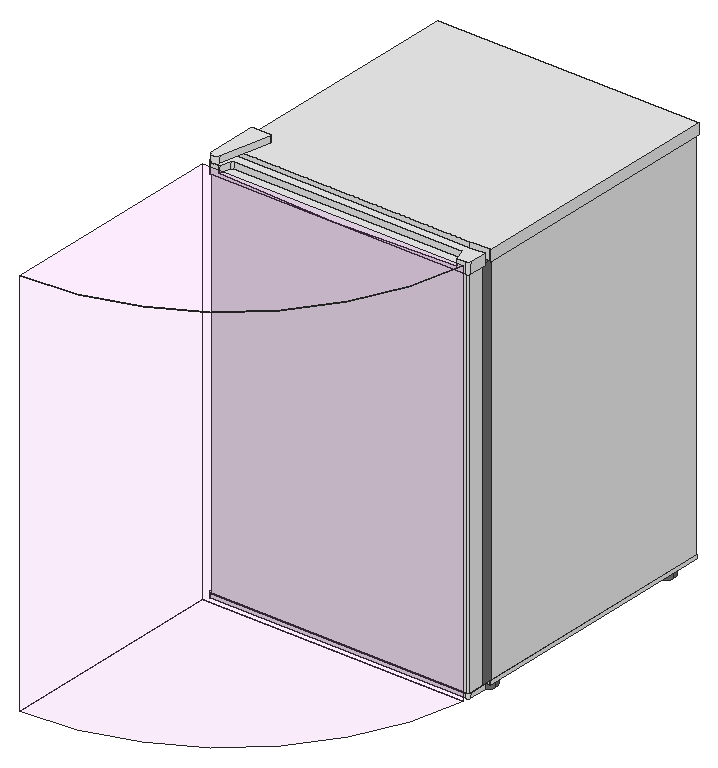
Revit family "Qf_Summit_FS605_22 inches Wide All-Freezer", category Specialty Equipment, Revit 2020
Family settings
  Round Connector Dimension = Use Diameter
  Part Type = Normal
  Work Plane-Based = No
  Always vertical = Yes
  Cut with Voids When Loaded = No
  Shared = No
  Room Calculation Point = No
Parameters
  Weight in Pounds = 90
  Watts = FL Amps * Volts  # 161 W
  Volts = 115 V
  URL Cutsheet = ""
  Specification by User = ""
  Specification by Manufacturer = ""
  Show RHD [instance] = yes
  Show LHD [instance] = not(Show RHD)  # no
  Show Clearance [instance] = yes
  Serial Number = ""
  Seismic Rating = ""
  SMACNA No = ""
  Revision Code = ""
  Refrigerant Volume = 0.00 kip
  Refrigerant Type = "R600a"
  Phase = 1
  Number of Poles = 1
  NAFEM Spec ID Number = ""
  Model = "FS605"
  Min Ckt Ampacity = 0 A
  Max Overcurrent Protection = 0 A
  Masterspec = ""
  Manufacturer = "Summit"
  Length = 21 3/8"
  Item Number = ""
  Installed By = ""
  Identify Quantity as Lot = yes
  Height = 33 5/8"
  HP = ""
  Furnished By = ""
  Foodservice Equipment Identifier = yes
  FL Amps = 1.4 A
  Electrical Remarks = ""
  Electric Connection Type = ""
  Elec Conn RI Height = 0"
  Elec Conn Connection Height = 0"
  Description = "22\" Wide All-Freezer"
  Depth = 25 3/4"
  Default Elevation = 0"
  Cycle = 60 Hz
  Conn Plug = ""
  Conn Conduit = yes
  CSI MasterFormat = ""
  Apparent Power = 828 VA
Reference planes (in)
  plane 1: z = 0
  plane 2 "LEFT": x = 0
  plane 3 "RIGHT": x = 21.375
  plane 4 "FRONT": y = -26.5
  plane 5 "TOP": z = 33.625
  plane 6 "Center Y": x = 10.6875
  plane 7 "Center X": y = -13.625
  plane 8 "BACK": y = -0.75
  plane 9: z = 1.125
  plane 10: y = -45.23752
  plane 11: z = 33.125
  plane 12: y = -23.75
  plane 13: y = -24.375
  plane 14: x = 17.375
  plane 15: x = 0.125
  plane 16: x = 21.25
Forms (in)
  Extrusion 1, solid, material "QF_Metallic_Paint_White_Smooth", visible <- "Show LHD"
    sketch origin (0, 0, 0) x (1, 0, 0) y (0, 1, 0)
      loop
        line (21.21875, -21.51877) -> (19.84375, -21.51877)
        arc (19.84375, -21.51877) -> (19.74345, -21.56917) -> (19.72403, -21.67973) r 0.125
        line (19.72403, -21.67973) -> (20.6096, -25.75164)
        arc (20.6096, -25.75164) -> (21.02327, -26.01479) -> (21.34375, -25.64377) r 0.375
        line (21.34375, -25.64377) -> (21.34375, -21.64377)
        arc (21.34375, -21.64377) -> (21.30714, -21.55538) -> (21.21875, -21.51877) r 0.125
    from 33.125 to 33.625
  Extrusion 2, solid, material "QF_Metallic_Paint_White_Smooth"
    sketch origin (0, 0, 0) x (1, 0, 0) y (0, 1, 0)
      loop
        line (0.125, -23.625) -> (19.6271, -23.625) -> (21.25, -23.625) -> (21.25, -2.625) -> (0.125, -2.625) -> (0.125, -23.625)
    from 1.125 to 33.125
  Extrusion 3, solid, material "QF_Metallic_Paint_White_Smooth"
    sketch origin (0, 0, 0) x (1, 0, 0) y (0, 1, 0)
      loop
        line (0, -23.75) -> (19.6271, -23.75) -> (21.25, -23.75) -> (21.375, -23.75) -> (21.375, -2.5) -> (0, -2.5) -> (0, -23.75)
    from 32.25 to 33.125
  Extrusion 4, solid, material "QF_Metallic_Paint_White_Smooth"
    sketch origin (0, 0, -31.125) x (1, 0, 0) y (0, 1, 0)
      loop
        line (0.0625, -23.69328) -> (19.6271, -23.69328) -> (21.25, -23.69328) -> (21.31164, -23.69328) -> (21.31164, -2.55722) -> (0.0625, -2.55722) -> (0.0625, -23.69328)
    from 32.25 to 32.5625
  Extrusion 5, solid, material "QF_Plastic_Dark_Grey"
    sketch origin (0, 0, 0) x (1, 0, 0) y (0, 1, 0)
      loop
        line (0.125, -23.625) -> (0.125, -24.375) -> (21.25, -24.375) -> (21.25, -23.625) -> (0.125, -23.625)
    from 1.4375 to 32.25
  Extrusion 6, solid, material "QF_Metallic_Paint_White_Smooth"
    sketch origin (0, 0, 0) x (1, 0, 0) y (0, 1, 0)
      loop
        line (21.25, -24.375) -> (20.31021, -24.375) -> (0.125, -24.375) -> (0.125, -25.77679)
        arc (0.125, -25.77679) -> (0.15684, -25.86014) -> (0.23615, -25.90102) r 0.125
        arc (0.23615, -25.90102) -> (10.6875, -26.375) -> (21.13885, -25.90102) r 115.46375
        arc (21.13885, -25.90102) -> (21.21816, -25.86014) -> (21.25, -25.77679) r 0.125
        line (21.25, -25.77679) -> (21.25, -24.375)
    from 1.125 to 33.125
  Extrusion 7, solid, material "QF_Metallic_Paint_White_Smooth"
    sketch origin (-0.25, 0, 0) x (1, 0, 0) y (0, 1, 0)
      loop
        arc (0.47378, -26.02541) -> (10.9375, -26.5) -> (21.40122, -26.02541) r 115.58875
        arc (21.40122, -26.02541) -> (21.56081, -25.94404) -> (21.625, -25.77679) r 0.25
        line (21.625, -25.77679) -> (21.625, -24.375) -> (21.59375, -24.375) -> (20.56021, -24.375) -> (0.25, -24.375) -> (0.25, -25.77679)
        arc (0.25, -25.77679) -> (0.31419, -25.94404) -> (0.47378, -26.02541) r 0.25
    from 32.25 to 33.125
  Extrusion 8, solid, material "QF_Metallic_Paint_White_Smooth"
    sketch origin (-0.25, 0, -25.25) x (1, 0, 0) y (0, 1, 0)
      loop
        arc (0.47378, -26.02541) -> (10.9375, -26.5) -> (21.40122, -26.02541) r 115.58875
        arc (21.40122, -26.02541) -> (21.56081, -25.94404) -> (21.625, -25.77679) r 0.25
        line (21.625, -25.77679) -> (21.625, -24.375) -> (21.59375, -24.375) -> (20.56021, -24.375) -> (0.25, -24.375) -> (0.25, -25.77679)
        arc (0.25, -25.77679) -> (0.31419, -25.94404) -> (0.47378, -26.02541) r 0.25
    from 26.375 to 26.6875
  Extrusion 9, void
    sketch origin (0, 0, 0) x (1, 0, 0) y (0, 1, 0)
      loop
        arc (20.46646, -26.09485) -> (20.41544, -26.05049) -> (20.38757, -25.98889) r 0.15837
        line (20.38757, -25.98889) -> (20.13757, -25.19248)
        arc (20.13757, -25.19248) -> (20.09672, -25.10005) -> (20.00087, -25.06803) r 0.125
        arc (20.00087, -25.06803) -> (10.6875, -25.4375) -> (1.37413, -25.06803) r 117.56809
        arc (1.37413, -25.06803) -> (1.27828, -25.10005) -> (1.23743, -25.19248) r 0.125
        line (1.23743, -25.19248) -> (0.98743, -25.98889)
        arc (0.98743, -25.98889) -> (0.95439, -26.05111) -> (0.89841, -26.09386) r 0.16498
        line (0.89841, -26.09386) -> (0.89841, -26.5) -> (20.46646, -26.5) -> (20.46646, -26.09485)
    from 32.625 to 33.625
  Revolve 10, solid, material "QF_Plastic_Dark_Grey"
    sketch origin (0, -3.87536, 0) x (1, 0, 0) y (0, 0, 1)
      loop
        line (1.625, 1.125) -> (1.625, 0) -> (2.375, 0) -> (2.3136, 0.87806) -> (2.3136, 1) -> (1.75, 1) -> (1.75, 1.125) -> (1.625, 1.125)
      axis (1.625, 0) -> (1.625, 1.125)
    angle from 0 to 360
  Revolve 11, solid, material "QF_Plastic_Dark_Grey"
    sketch origin (21.375, -3.87536, 0) x (-1, 0, 0) y (0, 0, 1)
      loop
        line (1.625, 1.125) -> (1.625, 0) -> (2.375, 0) -> (2.3136, 0.87806) -> (2.3136, 1) -> (1.75, 1) -> (1.75, 1.125) -> (1.625, 1.125)
      axis (1.625, 0) -> (1.625, 1.125)
    angle from 0 to 360
  Revolve 12, solid, material "QF_Plastic_Dark_Grey"
    sketch origin (0, -22.12536, 0) x (1, 0, 0) y (0, 0, 1)
      loop
        line (1.625, 1.125) -> (1.625, 0) -> (2.375, 0) -> (2.3136, 0.87806) -> (2.3136, 1) -> (1.75, 1) -> (1.75, 1.125) -> (1.625, 1.125)
      axis (1.625, 0) -> (1.625, 1.125)
    angle from 0 to 360
  Revolve 13, solid, material "QF_Plastic_Dark_Grey"
    sketch origin (21.375, -22.12536, 0) x (-1, 0, 0) y (0, 0, 1)
      loop
        line (1.625, 1.125) -> (1.625, 0) -> (2.375, 0) -> (2.3136, 0.87806) -> (2.3136, 1) -> (1.75, 1) -> (1.75, 1.125) -> (1.625, 1.125)
      axis (1.625, 0) -> (1.625, 1.125)
    angle from 0 to 360
  Extrusion 14, solid, material "QF_Metallic_Paint_White_Smooth"
    sketch origin (0, -0.75, 0) x (1, 0, 0) y (0, 0, 1)
      loop
        circle (17.375, 2.125) r 0.25
    from 1.80722 to 1.875
  Revolve 15, solid
    sketch origin (0, 0, 26.25) x (1, 0, 0) y (0, 1, 0)
      loop
        arc (13.74873, -2.625) -> (12.48241, -1.256) -> (10.6875, -0.75) r 3.43647
        line (10.6875, -0.75) -> (10.6875, -2.625) -> (13.74873, -2.625)
      axis (10.6875, -0.75) -> (10.6875, -2.625)
    angle from 0 to 360
  Extrusion 16, solid, material "QF_Clearances_Door_Drawer", visible <- "Show LHD"
    sketch origin (0, 0, 0) x (1, 0, 0) y (0, 1, 0)
      loop
        arc (0, -26.5) -> (7.12163, -39.93649) -> (21.375, -45.23726) r 21.375
        line (21.375, -45.23726) -> (21.375, -26.5) -> (0, -26.5)
    from 1.125 to 33.125
  Extrusion 17, solid, material "QF_Metallic_Paint_White_Smooth", visible <- "Show RHD"
    sketch origin (21.375, 0, 0) x (-1, 0, 0) y (0, -1, 0)
      loop
        arc (21.21875, 21.51877) -> (21.30714, 21.55538) -> (21.34375, 21.64377) r 0.125
        line (21.34375, 21.64377) -> (21.34375, 25.64377)
        arc (21.34375, 25.64377) -> (21.02327, 26.01479) -> (20.6096, 25.75164) r 0.375
        line (20.6096, 25.75164) -> (19.72403, 21.67973)
        arc (19.72403, 21.67973) -> (19.74345, 21.56917) -> (19.84375, 21.51877) r 0.125
        line (19.84375, 21.51877) -> (21.21875, 21.51877)
    from 33.125 to 33.625
  Extrusion 18, solid, material "QF_Clearances_Door_Drawer", visible <- "Show RHD"
    sketch origin (21.375, 0, 0) x (-1, 0, 0) y (0, -1, 0)
      loop
        line (0, 26.5) -> (21.375, 26.5) -> (21.375, 45.23726)
        arc (21.375, 45.23726) -> (7.12163, 39.93649) -> (0, 26.5) r 21.375
    from 1.125 to 33.125
Cuts and joins
  joined: Extrusion 2, Extrusion 3, Extrusion 4, Extrusion 14
  Extrusion 9 cuts Extrusion 6
  Extrusion 9 cuts Extrusion 7
  Extrusion 9 cuts Extrusion 8
  joined: Extrusion 6, Extrusion 7, Extrusion 8
Lines and regions (in)
  symbolic lines, style "QF_Clearances_Door_Drawer", visible <- "Show LHD"
    curve 1: arc (0, -26.5, 0) -> (1.35429, -31.77324, 0) -> (3.99684, -36.53329, 0) r 21.375
    curve 2: line (21.375, -26.5, 0) -> (3.99684, -36.53329, 0)
  symbolic lines
    curve 3: line (0, -2.5, 0) -> (0, -23.75, 0)
    curve 5: line (21.375, -23.75, 0) -> (21.375, -2.5, 0)
    curve 6: line (21.375, -2.5, 0) -> (0, -2.5, 0)
    curve 8: line (0, -24.375, 0) -> (0, -25.77679, 0)
    curve 9: arc (0, -25.77679, 0) -> (0.06419, -25.94404, 0) -> (0.22378, -26.02541, 0) r 0.25
    curve 10: arc (0.22378, -26.02541, 0) -> (0.56846, -26.05622, 0) -> (0.91323, -26.086, 0) r 115.58875
    curve 11: arc (0.91323, -26.086, 0) -> (0.95965, -26.04457, 0) -> (0.98743, -25.98889, 0) r 0.16498
    curve 12: line (0.98743, -25.98889, 0) -> (1.23743, -25.19248, 0)
    curve 13: arc (1.23743, -25.19248, 0) -> (1.27828, -25.10005, 0) -> (1.37413, -25.06803, 0) r 0.125
    curve 14: arc (1.37413, -25.06803, 0) -> (10.6875, -25.4375, 0) -> (20.00087, -25.06803, 0) r 117.56809
    curve 15: arc (20.00087, -25.06803, 0) -> (20.09672, -25.10005, 0) -> (20.13757, -25.19248, 0) r 0.125
    curve 16: line (20.13757, -25.19248, 0) -> (20.38757, -25.98889, 0)
    curve 17: arc (20.38757, -25.98889, 0) -> (20.41095, -26.04414, 0) -> (20.4532, -26.08673, 0) r 0.15837
    curve 18: arc (20.4532, -26.08673, 0) -> (20.80226, -26.0566, 0) -> (21.15122, -26.02541, 0) r 115.58875
    curve 19: arc (21.15122, -26.02541, 0) -> (21.31081, -25.94404, 0) -> (21.375, -25.77679, 0) r 0.25
    curve 20: line (21.375, -25.77679, 0) -> (21.375, -24.375, 0)
    curve 21: line (21.375, -24.375, 0) -> (21.34375, -24.375, 0)
    curve 23: arc (0.22378, -26.02541, 0) -> (10.6875, -26.5, 0) -> (21.15122, -26.02541, 0) r 115.58875
    curve 30: line (21.34375, -23.75, 0) -> (21.375, -23.75, 0)
    curve 31: arc (7.68862, -2.5, 0) -> (10.68862, -0.75, 0) -> (13.68862, -2.5, 0) r 3.44643
  symbolic lines, visible <- "Show LHD"
    curve 4: line (0, -23.75, 0) -> (20.17428, -23.75, 0)
    curve 7: line (0.125, -23.75, 0) -> (0.125, -24.375, 0)
    curve 22: line (20.31021, -24.375, 0) -> (0, -24.375, 0)
    curve 24: arc (20.6096, -25.75164, 0) -> (21.02327, -26.01479, 0) -> (21.34375, -25.64377, 0) r 0.375
    curve 25: line (21.34375, -25.64377, 0) -> (21.34375, -21.64377, 0)
    curve 26: arc (21.34375, -21.64377, 0) -> (21.30714, -21.55538, 0) -> (21.21875, -21.51877, 0) r 0.125
    curve 27: line (21.21875, -21.51877, 0) -> (19.84375, -21.51877, 0)
    curve 28: arc (19.84375, -21.51877, 0) -> (19.74345, -21.56917, 0) -> (19.72403, -21.67973, 0) r 0.125
    curve 29: line (19.72403, -21.67973, 0) -> (20.6096, -25.75164, 0)
  symbolic lines, style "QF_Clearances_Door_Drawer", visible <- "Show RHD"
    curve 32: arc (21.375, -26.5, 0) -> (20.02071, -31.77324, 0) -> (17.37816, -36.53329, 0) r 21.375
    curve 33: line (0, -26.5, 0) -> (17.37816, -36.53329, 0)
  symbolic lines, visible <- "Show RHD"
    curve 34: arc (0.7654, -25.75164, 0) -> (0.35173, -26.01479, 0) -> (0.03125, -25.64377, 0) r 0.375
    curve 35: line (0.03125, -25.64377, 0) -> (0.03125, -21.64377, 0)
    curve 36: arc (0.03125, -21.64377, 0) -> (0.06786, -21.55538, 0) -> (0.15625, -21.51877, 0) r 0.125
    curve 37: line (0.15625, -21.51877, 0) -> (1.53125, -21.51877, 0)
    curve 38: arc (1.53125, -21.51877, 0) -> (1.63155, -21.56917, 0) -> (1.65097, -21.67973, 0) r 0.125
    curve 39: line (1.65097, -21.67973, 0) -> (0.7654, -25.75164, 0)
    curve 40: line (21.375, -23.75, 0) -> (1.20072, -23.75, 0)
    curve 41: line (21.25, -23.75, 0) -> (21.25, -24.375, 0)
    curve 42: line (1.06479, -24.375, 0) -> (21.375, -24.375, 0)
Dimensions and locks (in)
  equal spacing: plane 2 "LEFT", plane 6 "Center Y", plane 3 "RIGHT"
  "Length": plane 2 "LEFT" to plane 3 "RIGHT"
  equal spacing: plane 4 "FRONT", plane 7 "Center X", plane 8 "BACK"
  "Height": plane 5 "TOP" to level
  plane 3 "RIGHT" to plane 2 "LEFT" = 21 3/8"
  plane 5 "TOP" to level = 33 5/8"  (x2)
  "Depth": plane 4 "FRONT" to plane 8 "BACK"
  plane 9 to level = 1 1/8"
  plane 10 to plane 8 "BACK" = 44.48752"
  plane 5 "TOP" to plane 11 = 1/2"
  plane 12 to cut or joined group of Extrusion 2, Extrusion 3, Extrusion 4, Extrusion 14 = 21 1/4"
  aligned and locked: level to plane 1
  aligned and locked: plane 5 "TOP" to Extrusion 1
  aligned and locked: plane 11 to Extrusion 1
  aligned and locked: Extrusion 2 to plane 11
  aligned and locked: plane 9 to Extrusion 2
  aligned and locked: Extrusion 6 to plane 11
  aligned and locked: plane 9 to Extrusion 6
  aligned and locked: Extrusion 3 to plane 11
  aligned and locked: plane 5 "TOP" to Extrusion 9
  aligned and locked: Extrusion 14 to cut or joined group of Extrusion 2, Extrusion 3, Extrusion 4, Extrusion 14
  aligned and locked: cut or joined group of Extrusion 2, Extrusion 3, Extrusion 4, Extrusion 14 to Extrusion 14
  aligned and locked: Extrusion 16 to cut or joined group of Extrusion 6, Extrusion 7, Extrusion 8, Extrusion 9  (x2)
Automatic sketch dimensions
  Extrusion 1 sketch curve to plane 16 = 1.52597"
  Extrusion 1 sketch curve to Extrusion 1 sketch curve = 0.11972"
  Extrusion 1 sketch curve to plane 16 = 0.6404"
  Extrusion 1 sketch curve to plane 16 = 9/32"
  Extrusion 1 sketch curve to plane 16 = 1/32"
  plane 3 "RIGHT" to Extrusion 1 sketch curve = 1/32"
  Extrusion 1 sketch curve to plane 4 "FRONT" = 0.74836"
  Extrusion 1 sketch curve to plane 12 = 2.07027"
  Extrusion 1 sketch curve to Extrusion 1 sketch curve = 0.03596"
  plane 13 to Extrusion 5 sketch curve = 0"
  Extrusion 5 sketch curve to plane 15 = 0"
  Extrusion 5 sketch curve to plane 16 = 0"
  Extrusion 5 sketch curve to plane 12 = 1/8"
  Extrusion 16 sketch curve to plane 2 "LEFT" = 0"
  Extrusion 16 sketch curve to plane 3 "RIGHT" = 0"
  plane 4 "FRONT" to Extrusion 16 sketch curve = 0"
  Extrusion 16 sketch curve to plane 16 = 0.0383"
  Extrusion 16 sketch curve to plane 10 = 0.00026"
  plane 15 to Extrusion 17 sketch curve = 1.52597"
  Extrusion 17 sketch curve to Extrusion 17 sketch curve = 0.11972"
  plane 15 to Extrusion 17 sketch curve = 0.6404"
  plane 15 to Extrusion 17 sketch curve = 9/32"
  plane 15 to Extrusion 17 sketch curve = 1/32"
  Extrusion 17 sketch curve to plane 2 "LEFT" = 1/32"
  plane 4 "FRONT" to Extrusion 17 sketch curve = 0.74836"
  plane 12 to Extrusion 17 sketch curve = 2.07027"
  Extrusion 17 sketch curve to Extrusion 17 sketch curve = 0.03596"
  Extrusion 18 sketch curve to plane 3 "RIGHT" = 0"
  Extrusion 18 sketch curve to plane 2 "LEFT" = 0"
  plane 4 "FRONT" to Extrusion 18 sketch curve = 0"
  plane 15 to Extrusion 18 sketch curve = 0.0383"
  plane 10 to Extrusion 18 sketch curve = 0.00026"
  curve 10 to curve 18 = 0"  (x2)
  curve 10 to curve 23 = 0"  (x2)
  curve 18 to curve 23 = 0"  (x2)
  curve 9 to plane 2 "LEFT" = 0"
  curve 1 to plane 2 "LEFT" = 0"
  curve 6 to plane 2 "LEFT" = 0"
  plane 12 to curve 7 = 0"
  curve 7 to plane 15 = 0"
  plane 13 to curve 42 = 0"
  plane 12 to curve 40 = 0"
  curve 14 to plane 6 "Center Y" = 0"
  curve 18 to plane 6 "Center Y" = 0"
  plane 13 to curve 22 = 0"
  curve 41 to plane 16 = 0"
  curve 32 to plane 3 "RIGHT" = 0"
  curve 30 to plane 3 "RIGHT" = 0"
  curve 21 to plane 3 "RIGHT" = 0"
  plane 4 "FRONT" to curve 1 = 0"
  plane 4 "FRONT" to curve 32 = 0"
  plane 2 "LEFT" to curve 35 = 1/32"
  curve 37 to plane 15 = 1/32"
  curve 32 to plane 15 = 0.0383"
  curve 9 to plane 15 = 1/8"
  curve 9 to curve 34 = 5/32"
  curve 34 to curve 39 = 0.35915"
  curve 39 to curve 11 = 0.06317"
  curve 12 to plane 4 "FRONT" = 0.51111"
  curve 11 to curve 12 = 0.15886"
  curve 34 to curve 12 = 0.47203"
  curve 12 to curve 13 = 1/8"
  curve 36 to curve 37 = 1 3/8"
  curve 38 to curve 39 = 0.11972"
  curve 2 to plane 15 = 3.87184"
  plane 6 "Center Y" to curve 31 = 0.00112"
  curve 33 to plane 14 = 0.00316"
  curve 29 to plane 16 = 1.52597"
  curve 28 to curve 27 = 0.11972"
  curve 15 to plane 16 = 1.23743"
  curve 15 to curve 16 = 1/8"
  curve 16 to plane 4 "FRONT" = 0.51111"
  curve 16 to curve 16 = 1/4"
  curve 17 to curve 17 = 0.15489"
  curve 17 to curve 29 = 0.06714"
  curve 24 to plane 16 = 9/32"
  curve 19 to plane 16 = 1/8"
  curve 1 to plane 16 = 0.0383"
  curve 27 to plane 16 = 1/32"
  plane 3 "RIGHT" to curve 25 = 1/32"
  plane 4 "FRONT" to curve 2 = 10.03329"
  plane 4 "FRONT" to curve 33 = 10.03329"
  curve 17 to curve 17 = 0.03298"
  curve 12 to curve 11 = 0.0445"
  curve 1 to curve 8 = 0.72321"
  curve 17 to curve 19 = 0.17912"
  curve 17 to curve 29 = 0.20427"
  curve 11 to curve 39 = 0.19275"
  curve 34 to curve 12 = 0.55916"
  curve 29 to curve 15 = 0.55916"
  curve 39 to plane 12 = 2.07027"
  curve 29 to plane 12 = 2.07027"
  curve 28 to curve 26 = 0.03596"
  curve 38 to curve 38 = 0.03596"
  plane 8 "BACK" to curve 31 = 3.44643"
  plane 8 "BACK" to curve 5 = 1 3/4"
  curve 23 to plane 8 "BACK" = 89.83875"
  curve 10 to curve 14 = 3.04184"
  curve 10 to plane 15 = 0.09878"
  curve 13 to curve 14 = 3/256"
  curve 31 to plane 6 "Center Y" = 2.99888"
  Extrusion 2 sketch curve to plane 15 = 0"
  Extrusion 2 sketch curve to plane 16 = 0"
  Extrusion 2 sketch curve to plane 12 = 1/8"
  Extrusion 2 sketch curve to Extrusion 2 sketch curve = 1.6229"
  plane 8 "BACK" to Extrusion 2 sketch curve = 1 7/8"
  Extrusion 3 sketch curve to plane 2 "LEFT" = 0"
  plane 12 to Extrusion 3 sketch curve = 0"
  Extrusion 3 sketch curve to plane 16 = 0"
  Extrusion 3 sketch curve to plane 3 "RIGHT" = 0"
  Extrusion 3 sketch curve to Extrusion 3 sketch curve = 1.6229"
  plane 8 "BACK" to Extrusion 3 sketch curve = 1 3/4"
  Extrusion 4 sketch curve to plane 16 = 0"
  Extrusion 4 sketch curve to plane 12 = 0.05672"
  Extrusion 4 sketch curve to Extrusion 4 sketch curve = 1.6229"
  plane 2 "LEFT" to Extrusion 4 sketch curve = 1/16"
  plane 16 to Extrusion 4 sketch curve = 0.06164"
  plane 8 "BACK" to Extrusion 4 sketch curve = 1.80722"
  Extrusion 6 sketch curve to plane 15 = 0"
  Extrusion 6 sketch curve to plane 6 "Center Y" = 0"
  plane 13 to Extrusion 6 sketch curve = 0"
  Extrusion 6 sketch curve to plane 16 = 0"
  Extrusion 6 sketch curve to Extrusion 6 sketch curve = 1/8"  (x2)
  Extrusion 6 sketch curve to Extrusion 6 sketch curve = 0.93979"
  Extrusion 6 sketch curve to plane 4 "FRONT" = 0.72321"  (x2)
  Extrusion 6 sketch curve to plane 8 "BACK" = 89.83875"
  Extrusion 6 sketch curve to plane 15 = 0.11115"
  Extrusion 7 sketch curve to plane 2 "LEFT" = 0"
  Extrusion 7 sketch curve to plane 6 "Center Y" = 0"
  plane 13 to Extrusion 7 sketch curve = 0"
  Extrusion 7 sketch curve to plane 3 "RIGHT" = 0"
  Extrusion 7 sketch curve to plane 15 = 1/8"
  Extrusion 7 sketch curve to plane 16 = 0.93979"
  Extrusion 7 sketch curve to plane 16 = 1/8"
  plane 3 "RIGHT" to Extrusion 7 sketch curve = 1/32"
  Extrusion 7 sketch curve to plane 4 "FRONT" = 0.72321"  (x2)
  Extrusion 7 sketch curve to plane 8 "BACK" = 89.83875"
  Extrusion 7 sketch curve to plane 15 = 0.09878"
  Extrusion 8 sketch curve to plane 2 "LEFT" = 0"
  Extrusion 8 sketch curve to plane 6 "Center Y" = 0"
  plane 13 to Extrusion 8 sketch curve = 0"
  Extrusion 8 sketch curve to plane 3 "RIGHT" = 0"
  Extrusion 8 sketch curve to plane 15 = 1/8"
  Extrusion 8 sketch curve to plane 16 = 0.93979"
  Extrusion 8 sketch curve to plane 16 = 1/8"
  Extrusion 8 sketch curve to Extrusion 8 sketch curve = 1/32"
  Extrusion 8 sketch curve to plane 4 "FRONT" = 0.72321"  (x2)
  Extrusion 8 sketch curve to plane 8 "BACK" = 89.83875"
  Extrusion 8 sketch curve to plane 15 = 0.09878"
  plane 4 "FRONT" to Extrusion 9 sketch curve = 0"
  Extrusion 9 sketch curve to plane 6 "Center Y" = 0"
  Extrusion 9 sketch curve to plane 15 = 1.23743"
  Extrusion 9 sketch curve to Extrusion 9 sketch curve = 1/8"  (x2)
  Extrusion 9 sketch curve to plane 4 "FRONT" = 0.51111"  (x2)
  Extrusion 9 sketch curve to Extrusion 9 sketch curve = 1/4"  (x2)
  Extrusion 9 sketch curve to Extrusion 9 sketch curve = 0.08902"
  Extrusion 9 sketch curve to Extrusion 9 sketch curve = 0.06984"
  Extrusion 9 sketch curve to plane 16 = 1.23743"
  plane 13 to Extrusion 9 sketch curve = 0.81748"
  Extrusion 9 sketch curve to Extrusion 9 sketch curve = 0.07889"
  Extrusion 9 sketch curve to Extrusion 9 sketch curve = 0.076"
  Extrusion 9 sketch curve to Extrusion 9 sketch curve = 0.10595"
  Extrusion 9 sketch curve to Extrusion 9 sketch curve = 0.10497"
  Extrusion 9 sketch curve to Extrusion 9 sketch curve = 0.79641"
  Extrusion 9 sketch curve to plane 8 "BACK" = 92.88059"
  Extrusion 9 sketch curve to Extrusion 9 sketch curve = 3/256"
  Revolve 10 sketch curve to plane 9 = 0"  (x2)
  Revolve 10 sketch curve to level = 0"
  Revolve 10 sketch curve to plane 15 = 1 1/2"
  Revolve 10 sketch curve to Revolve 10 sketch curve = 1/8"
  plane 9 to Revolve 10 sketch curve = 0.24694"
  Revolve 10 sketch curve to Revolve 10 sketch curve = 0.5636"
  Revolve 10 sketch curve to Revolve 10 sketch curve = 3/4"
  Revolve 10 sketch curve to Revolve 10 sketch curve = 0.12194"
  Revolve 10 sketch curve to Revolve 10 sketch curve = 0"
  Revolve 10 sketch curve to Revolve 10 sketch curve = 0.23273"
  Revolve 11 sketch curve to plane 9 = 0"  (x2)
  Revolve 11 sketch curve to level = 0"
  plane 16 to Revolve 11 sketch curve = 1 1/2"
  Revolve 11 sketch curve to Revolve 11 sketch curve = 1/8"
  Revolve 11 sketch curve to plane 9 = 0.24694"
  Revolve 11 sketch curve to Revolve 11 sketch curve = 0.5636"
  Revolve 11 sketch curve to Revolve 11 sketch curve = 3/4"
  Revolve 11 sketch curve to Revolve 11 sketch curve = 0.12194"
  Revolve 11 sketch curve to Revolve 11 sketch curve = 0"
  Revolve 11 sketch curve to Revolve 11 sketch curve = 0.23273"
  Revolve 12 sketch curve to plane 9 = 0"  (x2)
  Revolve 12 sketch curve to level = 0"
  Revolve 12 sketch curve to plane 15 = 1 1/2"
  Revolve 12 sketch curve to Revolve 12 sketch curve = 1/8"
  plane 9 to Revolve 12 sketch curve = 0.24694"
  Revolve 12 sketch curve to Revolve 12 sketch curve = 0.5636"
  Revolve 12 sketch curve to Revolve 12 sketch curve = 3/4"
  Revolve 12 sketch curve to Revolve 12 sketch curve = 0.12194"
  Revolve 12 sketch curve to Revolve 12 sketch curve = 0"
  Revolve 12 sketch curve to Revolve 12 sketch curve = 0.23273"
  Revolve 13 sketch curve to plane 9 = 0"  (x2)
  Revolve 13 sketch curve to level = 0"
  plane 16 to Revolve 13 sketch curve = 1 1/2"
  Revolve 13 sketch curve to Revolve 13 sketch curve = 1/8"
  Revolve 13 sketch curve to plane 9 = 0.24694"
  Revolve 13 sketch curve to Revolve 13 sketch curve = 0.5636"
  Revolve 13 sketch curve to Revolve 13 sketch curve = 3/4"
  Revolve 13 sketch curve to Revolve 13 sketch curve = 0.12194"
  Revolve 13 sketch curve to Revolve 13 sketch curve = 0"
  Revolve 13 sketch curve to Revolve 13 sketch curve = 0.23273"
  Revolve 15 sketch curve to plane 6 "Center Y" = 0"  (x2)
  plane 8 "BACK" to Revolve 15 sketch curve = 0"
  plane 8 "BACK" to Revolve 15 sketch curve = 1 7/8"
  Revolve 15 sketch curve to Revolve 15 sketch curve = 3.06123"
  Revolve 15 sketch curve to Revolve 15 sketch curve = 0.01037"
  Revolve 15 sketch curve to Revolve 15 sketch curve = 0"
Connectors (in)
  electrical at (17.375, -2.55722, 2.125), driven by "Volts", driven by "Apparent Power"
    settings: on cut or joined group of Extrusion 2, Extrusion 3, Extrusion 4, Extrusion 14, index 1, voltage 115 V, apparent load 828 VA, apparent load phase1 0 VA, apparent load phase2 0 VA, apparent load phase3 0 VA, power factor 1, load classification "Other", number of poles 1, system type 30, power factor state 1, is connector primary yes, connector utility no, sub classification motor no, connector description "Electrical Inlet"
